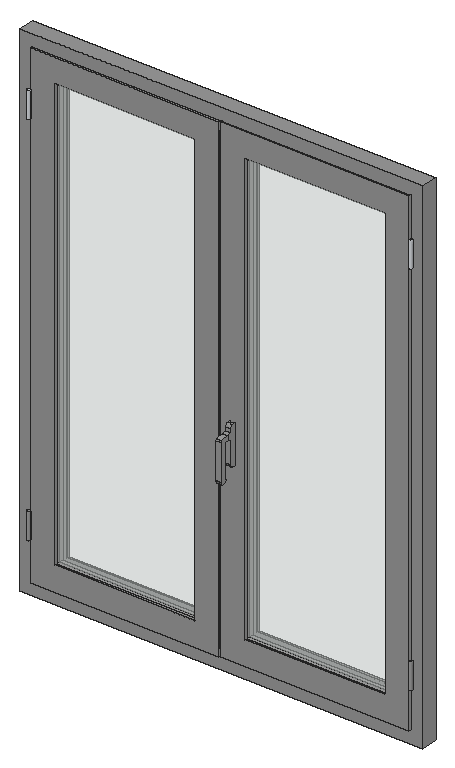
Revit family "2015_Ventana_Alugom_65-Optima_Balconera-2-Hojas_JGJGJGJG_XXXX_CCCCC_FFFFFF", category Ventanas, Revit 2015
Parameters (values of type "1600 x 2000 mm Balconera")
  𝑙𝑔 P2 = (Altura / 1 mm - (AnchoMarco / 1 mm * 2)) * 2  # 3430
  𝑙𝑔 P1 = ((Altura / 1 mm - (AnchoMarco / 1 mm * 2)) + (Anchura / 1 mm - (AnchoMarco / 1 mm * 2 + AnchoMarcoCentral / 1 mm))) * 2  # 5670
  𝑈𝑤 = a / Area * 1.00 mm²  # 1.766
  𝑈𝑔 V2 = 1
  𝑈𝑔 V1 = 1
  𝑈𝑓 P2 = 3.039
  𝑈𝑓 P1 = 2.42
  𝐴𝑔 V2 = (Altura / 1 mm - (AnchoMarco / 1 mm * 2)) * ((Anchura / 1 mm - (AnchoMarco / 1 mm * 2 + AnchoMarcoCentral / 1 mm)) / 2)  # 960400
  𝐴𝑔 V1 = (Altura / 1 mm - (AnchoMarco / 1 mm * 2)) * ((Anchura / 1 mm - (AnchoMarco / 1 mm * 2 + AnchoMarcoCentral / 1 mm)) / 2)  # 960400
  𝐴𝑓 P2 = (Altura / 1 mm - (AnchoMarco / 1 mm * 2)) * (AnchoMarcoCentral / 1 mm)  # 334425
  𝐴𝑓 P1 = (((Altura / 1 mm + Anchura / 1 mm) * AnchoMarco / 1 mm) * 2) - (AnchoMarco / 1 mm * AnchoMarco / 1 mm * 4)  # 944775
  a = (((1000000 * (((𝐴𝑓 P1 * 𝑈𝑓 P1) + (𝐴𝑓 P2 * 𝑈𝑓 P2)) / (𝐴𝑓 P1 + 𝐴𝑓 P2))) * (10 * (𝐴𝑓 P1 + 𝐴𝑓 P2))) / 10000000) + ((𝐴𝑔 V1 + 𝐴𝑔 V2) * (1 * ((𝐴𝑔 V1 * 𝑈𝑔 V1) + (𝐴𝑔 V2 * 𝑈𝑔 V2)) / (𝐴𝑔 V1 + 𝐴𝑔 V2))) + (((1000.00 mm² * (𝑙𝑔 P1 + 𝑙𝑔 P2)) * ((Y𝑔 P1 * 𝑙𝑔 P1) + (Y𝑔 P2 * 𝑙𝑔 P2)) / (𝑙𝑔 P1 + 𝑙𝑔 P2)) / 10.00 mm²)  # 5651173.075
  Y𝑔 P2 = 0.47
  Y𝑔 P1 = 0.47
  VidaUtilEsperada = ""
  VersionElementoBIM = "1.0"  # constant formula
  UnidadMedicion = ""
  UnidadMantenimiento = ""
  Unidad = ""
  Uniclass2.0Titulo = "\"Door and window systems\""
  Uniclass2.0Codigo = "\"25-30\""
  URLProducto = "http://www.alugom.com/Catalogo/tabid/336/ProdID/47/Language/es-ES/CatID/2/ventana_practicable_de_camara_europea_de_65_mm_con_RPT.aspx"
  URL Poliamida - Catálogo = "http://www.technoform.com/fileadmin/Technoform_Bautec/standardprofiles.html"
  URL Poliamida = "http://www.technoform.es/"
  URL = "http://www.alugom.com/"
  UNSPSCTitulo = "Windows"  # constant formula
  UNSPSCCodigo = "30171600"  # constant formula
  Fabricante = "Grupo ALUGOM"  # constant formula
  ConfiguracionPoliamidas = "320300 - 464700 - 464600 - 479900"  # constant formula
  Comentarios de tipo = "Sistema de Ventana Balconera de 2 Hojas Rotura de Puente Térmico Serie 65 Óptima Practicable."
  TransmitanciaTermica = 0.0000 W/(m²·K)
  TrabajoMantenimiento = ""
  TipoEmbalajeProteccion = ""
  TiempoMedioEntreFallos = ""
  TelefonoContacto = "+34 91 616 47 27"  # constant formula
  SalidaEmergencia = yes
  ResistenciaFuego = ""
  ResistenciaAlViento = "Clase 5"  # constant formula
  ResiduosPeligrososPorUnidad = 0
  ResiduosPeligrosos = 0
  ResiduosNoPeligrososPorUnidad = 0
  ResiduosNoPeligrosos = 0
  ResiduoRadioactivoPorUnidad = 0
  ResiduoRadioactivo = 0
  ResiduoInertePorUnidad = 0
  ResiduoInerte = 0
  RepisaInterior = no
  RepisaExterior = no
  ReferenciaUnidadFuncional = ""
  ReferenciaLote = ""
  ReferenciaContacto = "Alugom"  # constant formula
  Referencia = ""
  PuntoDeContacto = ""
  Practicable = yes
  Poliamida = Poliamida, Technoform Bautec, PA66 GF 25
  PermeabilidadAlAire = "Clase 4"  # constant formula
  PeriodoGarantia = ""
  Perimetro = (Anchura / 1 mm * 2) + (Altura / 1 mm * 2)  # 7200
  Oscilobatiente = no
  Operación = "Practicable"
  OmniclassTitulo = "Casment Window"  # constant formula
  OmniclassCodigo = "23.30.20.17.21.21"  # constant formula
  NumeroSerie = ""
  NumeroArticuloGlobalComercial = ""
  NumeroArticulo = ""
  NormativaMantenimiento = ""
  NivelSeguridad = ""
  Motorizada = no
  Modelo = "Serie 65 Óptima"
  MaterialEnvase = ""
  MaterialContenedor = ""
  MateriaPrima = 0
  MasterformatTitulo = "Aluminium Windows"  # constant formula
  MasterformatCodigo = "08 51 13"  # constant formula
  MasaSuperficialKgm2 = 0
  Marco = Aluminio
  Manija = yes
  LugarEnsamblaje = ""
  InstruccionesEspeciales = ""
  InformacionTecnica = "http://www.alugom.com/Catalogo/tabid/336/ProdID/47/Language/es-ES/CatID/2/ventana_practicable_de_camara_europea_de_65_mm_con_RPT.aspx"
  IndiceGlobalRedAcusticaTr = ""
  IndiceGlobalRedAcustica = "47dBA"
  IdentificadorGarantia = ""
  IFCClasificacion = ""
  GrosorMarco = 65 mm  # constant formula
  GrosorAcristalamiento = 39 mm  # constant formula
  GarantiaExtendida = ""
  FrecuenciaMantenimiento = ""
  FraccionAreaAcristalamiento = (𝐴𝑔 V1 + 𝐴𝑔 V2) / (Area / 1.00 mm²)  # 60.025%
  FormacionFotoquimicaOzonoPorUnidad = 0
  FormacionFotoquimicaOzono = 0
  FechaVencimientoElementoBIM = "02/09/2017"  # constant formula
  FechaInstalacion = ""
  FechaInicioGarantia = ""
  FechaFinGarantia = ""
  FechaEvaluacion = ""
  FechaEmisionElementoBIM = "02/09/2016"  # constant formula
  FechaCompra = ""
  FaseCicloVida = ""
  FaltaDeRecursosPorUnidad = 0
  FaltaDeRecursos = 0
  FactorSombra = 0
  FactorSolarModificado = 3000000
  Exclusiones = ""
  EutrofizacionPorUnidad = 0
  Eutrofizacion = 0
  EtiquetaModelo = ""
  EstanqueidadAgua = "Clase E3300"  # constant formula
  Estado = ""
  EnergiaRenovableConsumidaPorUnidad = 0
  EnergiaRenovableConsumida = 0
  EnergiaPrimariaTotalConsumidaPorUnidad = 0
  EnergiaPrimariaTotalConsumida = 0
  EnergiaNoRenovableConsumidaPorUnidad = 0
  EnergiaNoRenovableConsumida = 0
  EmisionCO2 = 0
  EmailContacto = "alugom@alugom.com"  # constant formula
  DuracionVidaUtil = ""
  Detalle Perfileria = yes
  DestruccionCapaOzonoEstratosfericaPorUnidad = 0
  DestruccionCapaOzonoEstratosferica = 0
  DesfaseInterior = 0 mm
  DesfaseExterior = 0 mm
  Descripción = "Balconera"
  DescripcionEvaluacion = ""
  CosteMantenimiento = 0
  CosteEnergeticoMj = 0 J
  CosteEnergeticoKwh = 0
  ControlHumos = yes
  ContenidoGarantia = ""
  CondicionesMantenimiento = ""
  CondicionesGeneralesDeContratacion = ""
  CondicionesEvaluacion = ""
  CodigoBedec = ""
  CodigoBarras = ""
  CertificadoMantenimiento = ""
  CerramientoExterior = yes
  CambioClimaticoPorUnidad = 0
  CambioClimatico = 0
  COBieCategoria = ""
  Aperturas Oscilobatiente [instance] = if(and(Aperturas, Oscilobatiente), 1 = 1, 1 = 0)  # no
  Aperturas [instance] = yes
  Anchura Real = if(Anchura > Anchura Máxima, Anchura Máxima, Anchura)  # 1600 mm
  Anchura Máxima = 1700 mm  # constant formula
  AnchoMarcoCentral = 195 mm  # constant formula
  AnchoMarco = 142.5 mm  # constant formula
  Altura Real = if(Altura > Altura Máxima, Altura Máxima, Altura)  # 2000 mm
  Altura Máxima = 2500 mm  # constant formula
  Altura = 2000 mm
  Bimetica = "http://www.bimetica.com"
  AñoProduccion = ""
  Autor = "Bimetica Parametric Design Services, S.L."  # constant formula
  Area = Altura Real * Anchura Real  # 3200000.00 mm²
  Altura de antepecho por defecto = 0 mm
  Cierre de muro = Por anfitrión
  Anchura = 1600 mm
  AguaConsumidaPorUnidad = 0
  AguaConsumida = 0
  Acristalamiento = Cristal - Vidrio claro templado
  AcidificacionAtmosfericaPorUnidad = 0
  AcidificacionAtmosferica = 0
  Acabado = ""
Reference planes
  plane 1 "Centro (Frontal/Posterior)": y = -35
  plane 2 "Centro (Izquierda/Derecha)": x = 0
  plane 3 "Izquierda": x = -800
  plane 4 "Derecha": x = 800
  plane 5 "Antepecho": z = 0
  plane 6 "Extremo inicial": z = 2000
  plane 7 "Exterior": y = -100
  plane 8 "Interior": y = -100
  plane 9: z = 1000
Forms (mm)
  Sweep 1, solid, material "Aluminio" <- "Marco"
    path origin (0, -100, 0) x (1, 0, 0) y (0, 0, 1)
      loop
        line (800, 0) -> (800, 2000) -> (-800, 2000) -> (-800, 0) -> (800, 0)
    profile origin (800, -100, 1000) x (-1, 0, 0) y (0, -1, 0)
      loop
        line (0, -65) -> (76, -65) -> (76, -60) -> (53.022, -60) -> (53.022, 0) -> (0, 0) -> (0, -65)
  Sweep 2, solid, material "Aluminio" <- "Marco"
    path origin (0, -100, 0) x (1, 0, 0) y (0, 0, 1)
      loop
        line (800, 0) -> (800, 2000) -> (-45, 2000) -> (-45, 0) -> (800, 0)
    profile origin (800, -100, 1000) x (-1, 0, 0) y (0, -1, 0)
      loop
        line (132.002, -48.748) -> (132.002, -9.748) -> (147.518, -9.748) -> (142.502, -4.732) -> (142.502, 7) -> (48, 7) -> (48, 0) -> (65.502, 0) -> (65.502, -60) -> (82, -60) -> (82, -65) -> (142.504, -65) -> (142.504, -55.651) -> (146.652, -48.748) -> (132.002, -48.748)
  Sweep 3, solid, material "Aluminio" <- "Marco"
    path origin (0, -100, 0) x (1, 0, 0) y (0, 0, 1)
      loop
        line (-800, 0) -> (45, 0) -> (45, 2000) -> (-800, 2000) -> (-800, 0)
    profile origin (-800, -100, 1000) x (-1, 0, 0) y (0, -1, 0)
      loop
        line (-132.002, -9.748) -> (-132.002, -48.748) -> (-146.652, -48.748) -> (-142.504, -55.651) -> (-142.504, -65) -> (-82, -65) -> (-82, -60) -> (-65.502, -60) -> (-65.502, 0) -> (-48, 0) -> (-48, 7) -> (-142.502, 7) -> (-142.502, -4.732) -> (-147.518, -9.748) -> (-132.002, -9.748)
  Extrusion 4, solid, material "Cristal - Vidrio claro templado" <- "Acristalamiento"
    sketch origin (0, 0, 0) x (1, 0, 0) y (0, 1, 0)
      loop
        line (-667.998, -51.252) -> (-667.998, -90.252) -> (-87.002, -90.252) -> (-87.002, -51.252) -> (-667.998, -51.252)
      loop
        line (87.002, -51.252) -> (87.002, -90.252) -> (667.998, -90.252) -> (667.998, -51.252) -> (87.002, -51.252)
    from 132 to 1868
  Extrusion 5, solid, material "Aluminio" <- "Marco"
    sketch origin (0, 0, 0) x (1, 0, 0) y (0, 1, 0)
      loop
        line (-30.998, -35) -> (-30.998, -40) -> (-29.36, -40) -> (-29.36, -48.6) -> (-20.298, -48.6) -> (-20.298, -103.197) -> (-3, -103.197) -> (-3, -100) -> (9.002, -100) -> (9.002, -39) -> (31, -39) -> (31, -35) -> (-30.998, -35)
    from 76 to 1924
  Extrusion 6, solid, material "Aluminio" <- "Marco", detail levels fine
    sketch origin (0, 0, 0) x (0, -1, 0) y (1, 0, 0)
      loop
        line (101.875, 762.389) -> (100, 759) -> (100, 752) -> (108, 752)
        arc (108, 752) -> (114.03, 762.555) -> (101.875, 762.389) r 7
      loop
        arc (101.875, -762.389) -> (114.03, -762.555) -> (108, -752) r 7
        line (108, -752) -> (100, -752) -> (100, -759) -> (101.875, -762.389)
    from 200 to 300
  Extrusion 7, solid, material "Aluminio" <- "Marco", visible <- "Manija", detail levels fine
    sketch origin (0, 0, 0) x (0, -1, 0) y (0, 0, 1)
      loop
        line (107, 750) -> (117, 750)
        arc (117, 750) -> (124.071, 752.929) -> (127, 760) r 10
        line (127, 760) -> (127, 850.581) -> (145.126, 853.452) -> (145.126, 873.452) -> (127, 876.323) -> (127, 890)
        arc (127, 890) -> (124.071, 897.071) -> (117, 900) r 10
        line (117, 900) -> (107, 900) -> (107, 750)
    from -60.3 to -40.3
  Extrusion 8, solid, material "Aluminio" <- "Marco", visible <- "Manija", detail levels fine
    sketch origin (0, 0, 0) x (0, -1, 0) y (0, 0, 1)
      loop
        line (145.126, 853.452) -> (155.126, 853.452)
        arc (155.126, 853.452) -> (158.662, 851.988) -> (160.126, 848.452) r 5
        line (160.126, 848.452) -> (160.126, 727.519)
        arc (160.126, 727.519) -> (159.505, 709.55) -> (175.126, 718.452) r 10.295
        line (175.126, 718.452) -> (175.126, 859.132)
        arc (175.126, 859.132) -> (174.063, 862.737) -> (171.473, 865.461) r 8.011
        arc (171.473, 865.461) -> (158.662, 870.651) -> (145.126, 873.452) r 76.54
        line (145.126, 873.452) -> (145.126, 853.452)
    from -60.3 to -40.3
  Extrusion 9, solid
    sketch origin (0, 0, 2000) x (0, -1, 0) y (1, 0, 0)
      loop
        line (101.875, 762.389) -> (100, 759) -> (100, 752) -> (108, 752)
        arc (108, 752) -> (114.03, 762.555) -> (101.875, 762.389) r 7
      loop
        arc (101.875, -762.389) -> (114.03, -762.555) -> (108, -752) r 7
        line (108, -752) -> (100, -752) -> (100, -759) -> (101.875, -762.389)
    from -200 to -300
Lines and regions (mm)
  Opening 1
    outline origin (3500, -100, 0) x (1, 0, 0) y (0, 0, 1)
      loop
        line (-2700, 0) -> (-2700, 2000) -> (-4300, 2000) -> (-4300, 0) -> (-2700, 0)
  symbolic lines, style "WindowsGlassProjection", detail levels medium+fine
    curve 1: line (-667.998, -90.252, 2000) -> (-87.002, -90.252, 2000)
    curve 2: line (-667.998, -51.252, 2000) -> (-667.998, -90.252, 2000)
    curve 3: line (-87.002, -51.252, 2000) -> (-667.998, -51.252, 2000)
    curve 4: line (-87.002, -90.252, 2000) -> (-87.002, -51.252, 2000)
    curve 5: line (87.002, -90.252, 2000) -> (667.998, -90.252, 2000)
    curve 6: line (87.002, -51.252, 2000) -> (87.002, -90.252, 2000)
    curve 7: line (667.998, -51.252, 2000) -> (87.002, -51.252, 2000)
    curve 8: line (667.998, -90.252, 2000) -> (667.998, -51.252, 2000)
    curve 9: line (-667.998, -85.252, 2000) -> (-87.002, -85.252, 2000)
    curve 10: line (-667.998, -73.252, 2000) -> (-87.002, -73.252, 2000)
    curve 11: line (-667.998, -68.252, 2000) -> (-87.002, -68.252, 2000)
    curve 12: line (-667.998, -56.252, 2000) -> (-87.002, -56.252, 2000)
    curve 13: line (87.002, -85.252, 2000) -> (667.998, -85.252, 2000)
    curve 14: line (87.002, -73.252, 2000) -> (667.998, -73.252, 2000)
    curve 15: line (87.002, -68.252, 2000) -> (667.998, -68.252, 2000)
    curve 16: line (87.002, -56.252, 2000) -> (667.998, -56.252, 2000)
    curve 17: line (-800, -51.252, 1868) -> (-800, -90.252, 1868)
    curve 18: line (-800, -51.252, 132) -> (-800, -51.252, 1868)
    curve 19: line (-800, -90.252, 132) -> (-800, -51.252, 132)
    curve 20: line (-800, -90.252, 1868) -> (-800, -90.252, 132)
  symbolic lines, style "WindowsGlassProjection", detail levels fine
    curve 21: line (-800, -85.252, 1868) -> (-800, -85.252, 132)
    curve 22: line (-800, -73.252, 1868) -> (-800, -73.252, 132)
    curve 23: line (-800, -68.252, 1868) -> (-800, -68.252, 132)
    curve 24: line (-800, -56.252, 1868) -> (-800, -56.252, 132)
  symbolic lines, style "Batiente de alzado", visible <- "Aperturas", detail levels medium+fine
    curve 25: line (752, -100, 1952) -> (3, -100, 1000)
    curve 26: line (3, -100, 1000) -> (752, -100, 48)
    curve 27: line (-752, -100, 1952) -> (-3, -100, 1000)
    curve 28: line (-3, -100, 1000) -> (-752, -100, 48)
Text (mm)
  text "EXTERIOR" at (-1963.203, 1332.353, 0), in view "Nivel de referencia"
  text "INTERIOR" at (-1981.466, -818.386, 0), in view "Nivel de referencia"
  text "Exterior" at (0, 923.751, 2943.296), in view "Derecha"
  text "Exterior" at (0, 1040.484, 2685.409), in view "Izquierda"
Dimensions and locks
  equal spacing: plane 3 "Izquierda", plane 2 "Centro (Izquierda/Derecha)", plane 4 "Derecha"
  "Anchura Real": plane 3 "Izquierda" to plane 4 "Derecha"
  "Altura": plane 5 "Antepecho" to plane 6 "Extremo inicial"
  "Altura de antepecho por defecto": plane 5 "Antepecho" to level
  "DesfaseInterior": plane 8 "Interior" to plane 7 "Exterior"
  "DesfaseExterior": host wall to plane 7 "Exterior"
  "GrosorMarco": plane 8 "Interior" to plane 1 "Centro (Frontal/Posterior)"
  profile plane to Sweep 1 sketch curve to Sweep 1 sketch curve = 60 mm locked, 5 mm locked
  Sweep 1 sketch curve to Sweep 1 sketch curve to profile plane = 22.978 mm locked, 53.022 mm locked
  Sweep 2 sketch curve to profile plane to Sweep 2 sketch curve to Sweep 2 sketch curve to Sweep 2 sketch curve to Sweep 2 sketch curve to Sweep 2 sketch curve to Sweep 2 sketch curve = 7 mm locked, 4.732 mm locked, 5.016 mm locked, 39 mm locked, 6.903 mm locked, 4.349 mm locked, 5 mm locked
  Sweep 2 sketch curve to Sweep 2 sketch curve to Sweep 2 sketch curve to Sweep 2 sketch curve to Sweep 2 sketch curve to Sweep 2 sketch curve to Sweep 2 sketch curve to Sweep 2 sketch curve to profile plane = 0.866 mm locked, 4.148 mm locked, 0.003 mm locked, 10.5 mm locked, 50.002 mm locked, 16.498 mm locked, 17.502 mm locked, 48 mm locked
  locked: Sweep 2 sketch curve to plane 2 "Centro (Izquierda/Derecha)" at 45
  locked: plane 2 "Centro (Izquierda/Derecha)" to Sweep 3 sketch curve at 45
  Sweep 3 sketch curve to profile plane to Sweep 3 sketch curve to Sweep 3 sketch curve to Sweep 3 sketch curve to Sweep 3 sketch curve to Sweep 3 sketch curve to Sweep 3 sketch curve = 7 mm locked, 4.732 mm locked, 5.016 mm locked, 39 mm locked, 6.903 mm locked, 4.349 mm locked, 5 mm locked
  profile plane to Sweep 3 sketch curve to Sweep 3 sketch curve to Sweep 3 sketch curve to Sweep 3 sketch curve to Sweep 3 sketch curve to Sweep 3 sketch curve to Sweep 3 sketch curve to Sweep 3 sketch curve = 48 mm locked, 17.502 mm locked, 16.498 mm locked, 50.002 mm locked, 10.5 mm locked, 0.003 mm locked, 4.148 mm locked, 0.866 mm locked
  locked: plane 3 "Izquierda" to Extrusion 4 sketch curve at 132.002
  Extrusion 4 sketch curve to plane 2 "Centro (Izquierda/Derecha)" to Extrusion 4 sketch curve = 87.002 mm locked, 87.002 mm locked
  locked: Extrusion 4 sketch curve to plane 4 "Derecha" at 132.002
  locked: plane 8 "Interior" to Extrusion 4 sketch curve at 9.748  (x2)
  locked: Extrusion 4 to plane 5 "Antepecho" at 132
  locked: plane 6 "Extremo inicial" to Extrusion 4 at 132
  Extrusion 5 sketch curve to Extrusion 5 sketch curve to Extrusion 5 sketch curve to Extrusion 5 sketch curve to plane 2 "Centro (Izquierda/Derecha)" to Extrusion 5 sketch curve to Extrusion 5 sketch curve = 1.638 mm locked, 9.062 mm locked, 17.298 mm locked, 3 mm locked, 9.002 mm locked, 21.998 mm locked
  Extrusion 5 sketch curve to plane 8 "Interior" to Extrusion 5 sketch curve to Extrusion 5 sketch curve to Extrusion 5 sketch curve to Extrusion 5 sketch curve = 3.197 mm locked, 51.4 mm locked, 8.6 mm locked, 1 mm locked, 4 mm locked
  locked: Extrusion 6 sketch curve to plane 4 "Derecha" at 41
  locked: plane 3 "Izquierda" to curve 2 at 132.002
  curve 4 to plane 2 "Centro (Izquierda/Derecha)" to curve 6 = 87.002 mm locked, 87.002 mm locked
  locked: curve 8 to plane 4 "Derecha" at 132.002
  plane 8 "Interior" to curve 1 to curve 9 to curve 10 to curve 11 to curve 12 to curve 3 = 9.748 mm locked, 5 mm locked, 12 mm locked, 5 mm locked, 12 mm locked, 5 mm locked
  plane 8 "Interior" to curve 5 to curve 13 to curve 14 to curve 15 to curve 16 to curve 7 = 9.748 mm locked, 5 mm locked, 12 mm locked, 5 mm locked, 12 mm locked, 5 mm locked
  locked: plane 5 "Antepecho" to curve 19 at 132
  locked: curve 17 to plane 6 "Extremo inicial" at 132
  curve 18 to curve 24 to curve 23 to curve 22 to curve 21 to curve 20 to plane 8 "Interior" = 5 mm locked, 12 mm locked, 5 mm locked, 12 mm locked, 5 mm locked, 9.748 mm locked
  "GrosorAcristalamiento": Extrusion 4 to Extrusion 4  (x2)
  plane 5 "Antepecho" to Extrusion 7 sketch curve to Extrusion 7 sketch curve to Extrusion 7 sketch curve to Extrusion 7 sketch curve to Extrusion 7 sketch curve to Extrusion 7 sketch curve to Extrusion 7 sketch curve to Extrusion 7 sketch curve = 750 mm locked, 10 mm locked, 90.581 mm locked, 2.871 mm locked, 20 mm locked, 2.871 mm locked, 13.677 mm locked, 10 mm
  plane 8 "Interior" to Extrusion 7 sketch curve to Extrusion 7 sketch curve to Extrusion 7 sketch curve to Extrusion 7 sketch curve = 7 mm locked, 20 mm, 0 mm locked, 18.126 mm locked
  plane 5 "Antepecho" to Extrusion 8 sketch curve to Extrusion 8 sketch curve to Extrusion 8 sketch curve to Extrusion 8 sketch curve to Extrusion 8 sketch curve to Extrusion 8 sketch curve to Extrusion 8 sketch curve = 718.361 mm locked, 9.158 mm locked, 69.888 mm locked, 51.046 mm locked, 5 mm locked, 5.28 mm locked, 14.72 mm locked
  plane 8 "Interior" to Extrusion 8 sketch curve to Extrusion 8 sketch curve to Extrusion 8 sketch curve to Extrusion 8 sketch curve to Extrusion 8 sketch curve to Extrusion 8 sketch curve to Extrusion 8 sketch curve = 36.444 mm locked, 8.682 mm locked, 10 mm locked, 5 mm locked, 4.705 mm locked, 2.294 mm locked, 8.001 mm locked
  plane 2 "Centro (Izquierda/Derecha)" to Extrusion 7 to Extrusion 7 = 40.3 mm locked, 20 mm locked
  equal spacing: plane 6 "Extremo inicial", plane 9, plane 5 "Antepecho"
  locked: plane 2 "Centro (Izquierda/Derecha)" to curve 26 at 3
  locked: curve 28 to plane 2 "Centro (Izquierda/Derecha)" at 3
  locked: Extrusion 6 sketch curve to plane 8 "Interior" at 8  (x2)
  locked: plane 3 "Izquierda" to Extrusion 6 sketch curve at 41
  locked: Extrusion 9 sketch curve to plane 4 "Derecha" at 41
  locked: Extrusion 9 sketch curve to plane 8 "Interior" at 8  (x2)
  locked: plane 3 "Izquierda" to Extrusion 9 sketch curve at 41
  aligned and locked: nested 1 to plane 4 "Derecha"
  aligned and locked: nested 1 to plane 8 "Interior"
  aligned and locked: plane 8 "Interior" to nested 2
  aligned and locked: nested 2 to plane 3 "Izquierda"
  aligned and locked: nested 3 to plane 2 "Centro (Izquierda/Derecha)"
  aligned and locked: plane 8 "Interior" to nested 3
  aligned and locked: Sweep 1 sketch curve to plane 4 "Derecha"
  aligned and locked: Sweep 1 sketch curve to plane 6 "Extremo inicial"
  aligned and locked: plane 3 "Izquierda" to Sweep 1 sketch curve
  aligned and locked: plane 5 "Antepecho" to Sweep 1 sketch curve
  aligned and locked: Sweep 1 sketch curve to profile plane
  aligned and locked: profile plane to Sweep 1 sketch curve
  aligned and locked: Sweep 2 sketch curve to plane 6 "Extremo inicial"
  aligned and locked: Sweep 2 sketch curve to plane 4 "Derecha"
  aligned and locked: plane 5 "Antepecho" to Sweep 2 sketch curve
  aligned and locked: Sweep 3 sketch curve to plane 3 "Izquierda"
  aligned and locked: plane 6 "Extremo inicial" to Sweep 3 sketch curve
  aligned and locked: Sweep 3 sketch curve to plane 5 "Antepecho"
  aligned and locked: plane 8 "Interior" to Extrusion 5 sketch curve
  aligned and locked: Extrusion 5 to Sweep 1  (x2)
  aligned and locked: plane 8 "Interior" to nested 4
  aligned and locked: nested 4 to plane 5 "Antepecho"
  aligned and locked: nested 5 to plane 6 "Extremo inicial"
  aligned and locked: nested 5 to plane 8 "Interior"
  aligned and locked: Extrusion 8 to Extrusion 7
  aligned and locked: Extrusion 7 to Extrusion 8
  aligned and locked: plane 9 to curve 26
  aligned and locked: Sweep 2 to curve 25  (x2)
  aligned and locked: curve 26 to Sweep 2
  aligned and locked: Sweep 2 to curve 26
  aligned and locked: plane 9 to curve 28
  aligned and locked: Sweep 3 to curve 27
  aligned and locked: curve 27 to Sweep 3
  aligned and locked: curve 28 to Sweep 3
  aligned and locked: Sweep 3 to curve 28
  aligned and locked: Extrusion 6 sketch curve to plane 8 "Interior"
  aligned and locked: plane 8 "Interior" to Extrusion 6 sketch curve
  aligned and locked: Extrusion 9 sketch curve to plane 8 "Interior"
  aligned and locked: plane 8 "Interior" to Extrusion 9 sketch curve
Automatic sketch dimensions
  plane 8 "Interior" to Sweep 2 sketch curve = 0 mm
  plane 8 "Interior" to Sweep 3 sketch curve = 0 mm
  plane 1 "Centro (Frontal/Posterior)" to Extrusion 4 sketch curve = 16.252 mm  (x2)
  Opening 1 sketch curve to level = 0 mm
  plane 3 "Izquierda" to Opening 1 sketch curve = 0 mm
  plane 4 "Derecha" to Opening 1 sketch curve = 0 mm
  Opening 1 sketch curve to plane 6 "Extremo inicial" = 0 mm
  Extrusion 8 sketch curve to Extrusion 8 sketch curve = 0.4 mm
  plane 8 "Interior" to Extrusion 6 sketch curve = 1.875 mm  (x2)
  Extrusion 6 sketch curve to Extrusion 6 sketch curve = 0 mm
  Extrusion 6 sketch curve to Extrusion 6 sketch curve = 3.389 mm  (x2)
  Extrusion 6 sketch curve to Extrusion 6 sketch curve = 7 mm
  plane 8 "Interior" to Extrusion 9 sketch curve = 1.875 mm  (x2)
  Extrusion 9 sketch curve to Extrusion 9 sketch curve = 7 mm  (x2)
  Extrusion 9 sketch curve to Extrusion 9 sketch curve = 3.389 mm  (x2)
Nested families
  nested 1: "Alugom_65-Óptima_Balconera_Detalle-Carpintería" at (800, -100, 0) x (-1, 0, 0) z (0, 0, 1), visible <- "Detalle Perfileria", type "Marco y Hoja Practicable", detail levels medium+fine
  nested 2: "Alugom_65-Óptima_Balconera_Detalle-Carpintería" at (-800, -100, 0), visible <- "Detalle Perfileria", type "Marco y Hoja Practicable", detail levels medium+fine
  nested 3: "Alugom_65-Óptima_Balconera_Detalle-Carpintería" at (0, -100, 0), visible <- "Detalle Perfileria", type "Montante Central 2H Practicables", detail levels medium+fine
  nested 4: "Alugom_65-Óptima_Balconera_Detalle-Carpintería" at (-800, -100, 0) x (0, 0, 1) z (-1, 0, 0), visible <- "Detalle Perfileria", type "Marco y Hoja Practicable", detail levels medium+fine
  nested 5: "Alugom_65-Óptima_Balconera_Detalle-Carpintería" at (-800, -100, 2000) x (0, 0, -1) z (-1, 0, 0), visible <- "Detalle Perfileria", type "Marco y Hoja Practicable", detail levels medium+fine
Definition of nested family "Alugom_65-Óptima_Balconera_Detalle-Carpintería"
  Parameters (values of type "Marco y Hoja Practicable")
    URL = "http://www.alugom.com/"
    Montante Central 2H Practicables = no
    Model = "Serie ALG 65 ÓPTIMA"  # constant formula
    Marco y Hoja Practicable = yes
    FechaVencimientoElementoBIM = "02/09/2017"  # constant formula
    FechaEmisionElementoBIM = "02/09/2016"  # constant formula
    Manufacturer = "Grupo ALUGOM"  # constant formula
    Description = "Detalle carpintería Balconera ALG 65 ÓPTIMA_Marco y Hoja Practicable"
    Bimetica = "http://www.bimetica.com"
    Autor = "Bimetica Parametric Design Services, S.L."  # constant formula
  Types (3, lengths in mm): name | Montante Central 2H Practicables | Marco y Hoja Practicable | Description
    (no name) | no | yes | "Detalle carpintería Balconera ALG 65 ÓPTIMA_Marco y Hoja Practicable"
    Marco y Hoja Practicable | no | yes | "Detalle carpintería Balconera ALG 65 ÓPTIMA_Marco y Hoja Practicable"
    Montante Central 2H Practicables | yes | no | "Detalle carpintería Balconera ALG 65 ÓPTIMA_Montante Central 2H Practicables"
  Reference planes
    plane 1 "Centro (Frontal/Posterior)": y = 0
    plane 2: z = 0
    plane 3 "Centro (Izquierda/Derecha)": x = 0
  Lines and regions (mm)
    Masking region 1, in view "Nivel de referencia", visible <- "Marco y Hoja Practicable"
      outline origin (0, 0, 0) x (1, 0, 0) y (0, 1, 0)
        loop
          line (76, 65) -> (0, 65) -> (0, 0) -> (48, 0) -> (48, -7) -> (142.502, -7) -> (142.502, 4.732) -> (147.518, 9.748) -> (132.002, 9.748) -> (132.002, 48.748) -> (146.652, 48.748) -> (142.504, 55.651) -> (142.504, 65) -> (82, 65) -> (82, 60) -> (76, 60) -> (76, 65)
    Masking region 2, in view "Nivel de referencia", visible <- "Montante Central 2H Practicables"
      outline origin (-45, 0, 0) x (1, 0, 0) y (0, 1, 0)
        loop
          line (76, 65) -> (14, 65) -> (14, 60) -> (8, 60) -> (8, 65) -> (-52.504, 65) -> (-52.504, 55.651) -> (-56.652, 48.748) -> (-42.002, 48.748) -> (-42.002, 9.748) -> (-57.518, 9.748) -> (-52.502, 4.732) -> (-52.502, -7) -> (42, -7) -> (42, 0) -> (48, 0) -> (48, -7) -> (142.502, -7) -> (142.502, 4.732) -> (147.518, 9.748) -> (132.002, 9.748) -> (132.002, 48.748) -> (146.652, 48.748) -> (142.504, 55.651) -> (142.504, 65) -> (82, 65) -> (82, 60) -> (76, 60) -> (76, 65)
